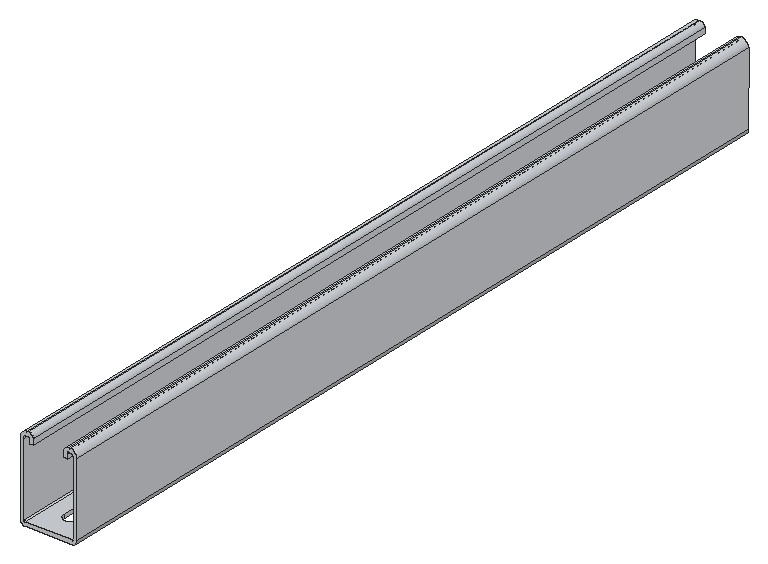
Revit family "Channel-Unistrut-P5500_SL", category Specialty Equipment, Revit 2012
Parameters (values of type "P5500 SL")
  ecoScorecard_data = ""
  ecoScorecard Product Page = ""
  Weight Per Foot = 2.42 lbf/ft
  Unit = none
  URL = "http://unistrut.us/index.php"
  Subcategory = "1 5/8\" Channels"
  Product Page URL = "http://unistrut.us/index.php?WP=cat_detail&S=S05&P=P5500sl"
  Power Strut Part Number = "PS 200 KO6"  # constant formula
  Part Type = "Channel"  # constant formula
  Part Number = ""
  Overall Width = 1 5/8"  # constant formula
  Overall Height = 2 7/16"
  Model = "P5500 SL"  # constant formula
  Material = "Multiple Options - See Catalog"
  Manufacturer Toll Free Phone = "800-882-5543"  # constant formula
  Manufacturer Phone = "708-339-1610"  # constant formula
  Manufacturer Fax = "708-339-7814"  # constant formula
  Manufacturer Email = "mailto:questions@atkore.com"
  Manufacturer Address = "16100 South Lathrop Avenue, Harvey, IL 60426"  # constant formula
  Manufacturer = "Unistrut by Atkore International"  # constant formula
  Load Capacity Note = "Visit the product page for load application and capacity."  # constant formula
  Literature URL = "http://unistrut.us/index.php?WP=LItLibrary"
  Length [instance] = 24"
  Knockouts Spacing From End = 2"
  Hole Spacing On Center Dimension = 4"
  Gauge Thickness = "12 Gauge (.105”)"  # constant formula
  Description = "P5500 SL Channel"  # constant formula
  Cost Info = "mailto:questions@atkore.com"
  Construction Note = "Slots are 3\" x 13⁄32\" @ 4\" on Center"
  Category = "Specialty Equipment"  # constant formula
  CSI MasterSpec = "http://www.unistrut.us/a_files/TechRef/Unistrut_CSI_05430.pdf"
  CAD URL = "http://unistrut.us/index.php?WP=CAD3d"
  Assembly Code = "D5020100"
  95 CSI = "16070"  # constant formula
  04 CSI = "26 05 48"  # constant formula
Reference planes (in)
  plane 1 "Center (Front/Back)": y = 0
  plane 2: z = 0
  plane 3 "Center (Left/Right)": x = 0
  plane 4: z = 2.4375
  plane 5: y = 12
  plane 6: x = -0.8125
  plane 7: y = -12
  plane 8: x = 0.8125
  plane 9: y = -10
  plane 10: y = -6
Dimensions and locks (in)
  "Overall Height": plane 4 to level
  equal spacing: plane 6, plane 3 "Center (Left/Right)", plane 8
  "Overall Width": plane 6 to plane 8
  equal spacing: plane 5, plane 1 "Center (Front/Back)", plane 7
  "Length": plane 5 to plane 7
  "Knockouts Spacing From End": plane 7 to plane 9
  "Hole Spacing On Center Dimension": plane 10 to plane 9
  aligned and locked: level to plane 2
  aligned and locked: plane 1 "Center (Front/Back)" to nested 1
  aligned and locked: plane 3 "Center (Left/Right)" to nested 1
  aligned and locked: nested 1 to level
Nested families (in)
  nested 1: "P5500 SL Channel" at (0, 0, 0), type "P5500 SL Channel"
    with # Of Array 6
Definition of nested family "P5500 SL Channel"
  Parameters (values of type "P5500 SL Channel")
    Width = 1 5/8"
    Unit = none
    Length = 24"
    Knockouts Spacing On Center = 4"
    Knockouts Spacing From End = 2"
    Height = 2 7/16"
    # Of Array [instance] = (Length - Knockouts Spacing From End * 2) / Knockouts Spacing On Center + 1  # 6
  Reference planes (in)
    plane 1 "Center (Front/Back)": y = 0
    plane 2: z = 0
    plane 3 "Center (Left/Right)": x = 0
    plane 4: z = 2.4375
    plane 5: x = -0.8125
    plane 6: x = 0.8125
    plane 7: y = 12
    plane 8: y = -12
    plane 9: x = 0.4375
    plane 10: x = -0.4375
    plane 11: z = 2.15625
    plane 12: y = -10
    plane 13: y = -6
    plane 14: z = 0.105
  Forms (in)
    Sweep 1, solid, material <- "Unit", detail levels fine
      path origin (0, 0, 0) x (1, 0, 0) y (0, 1, 0)
        loop
          line (0, 12) -> (0, -12)
      profile origin (0, 0, 0) x (1, 0, 0) y (0, 0, 1)
        loop
          line (0.7075, 2.2385) -> (0.7075, 0.13625)
          arc (0.7075, 0.13625) -> (0.69835, 0.11415) -> (0.67625, 0.105) r 0.03125
          line (0.67625, 0.105) -> (-0.67625, 0.105)
          arc (-0.67625, 0.105) -> (-0.69835, 0.11415) -> (-0.7075, 0.13625) r 0.03125
          line (-0.7075, 0.13625) -> (-0.7075, 2.2385)
          arc (-0.7075, 2.2385) -> (-0.68004, 2.30479) -> (-0.61375, 2.33225) r 0.09375
          line (-0.61375, 2.33225) -> (-0.57375, 2.33225)
          arc (-0.57375, 2.33225) -> (-0.55165, 2.3231) -> (-0.5425, 2.301) r 0.03125
          line (-0.5425, 2.301) -> (-0.5425, 2.15625) -> (-0.4375, 2.15625) -> (-0.4375, 2.301)
          arc (-0.4375, 2.301) -> (-0.47741, 2.39734) -> (-0.57375, 2.43725) r 0.13625
          line (-0.57375, 2.43725) -> (-0.61375, 2.43725)
          arc (-0.61375, 2.43725) -> (-0.75429, 2.37904) -> (-0.8125, 2.2385) r 0.19875
          line (-0.8125, 2.2385) -> (-0.8125, 0.13625)
          arc (-0.8125, 0.13625) -> (-0.77259, 0.03991) -> (-0.67625, 0) r 0.13625
          line (-0.67625, 0) -> (0.67625, 0)
          arc (0.67625, 0) -> (0.77259, 0.03991) -> (0.8125, 0.13625) r 0.13625
          line (0.8125, 0.13625) -> (0.8125, 2.2385)
          arc (0.8125, 2.2385) -> (0.75429, 2.37904) -> (0.61375, 2.43725) r 0.19875
          line (0.61375, 2.43725) -> (0.57375, 2.43725)
          arc (0.57375, 2.43725) -> (0.47741, 2.39734) -> (0.4375, 2.301) r 0.13625
          line (0.4375, 2.301) -> (0.4375, 2.15625) -> (0.5425, 2.15625) -> (0.5425, 2.301)
          arc (0.5425, 2.301) -> (0.55165, 2.3231) -> (0.57375, 2.33225) r 0.03125
          line (0.57375, 2.33225) -> (0.61375, 2.33225)
          arc (0.61375, 2.33225) -> (0.68004, 2.30479) -> (0.7075, 2.2385) r 0.09375
    Extrusion 2, void
      sketch origin (0, 1, 0) x (1, 0, 0) y (0, 1, 0)
        loop
          arc (0.20313, -9.78125) -> (0, -9.57813) -> (-0.20312, -9.78125) r 0.20313
          line (-0.20312, -9.78125) -> (-0.20312, -12.21875)
          arc (-0.20312, -12.21875) -> (0, -12.42188) -> (0.20313, -12.21875) r 0.20313
          line (0.20313, -12.21875) -> (0.20313, -9.78125)
      from 0 to 0.105
    Extrusion 3, void
      sketch origin (0, 5, 0) x (1, 0, 0) y (0, 1, 0)
        loop
          arc (0.20313, -9.78125) -> (0, -9.57813) -> (-0.20312, -9.78125) r 0.20313
          line (-0.20312, -9.78125) -> (-0.20312, -12.21875)
          arc (-0.20312, -12.21875) -> (0, -12.42188) -> (0.20313, -12.21875) r 0.20313
          line (0.20313, -12.21875) -> (0.20313, -9.78125)
      from 0 to 0.105
    Extrusion 4, void
      sketch origin (0, 9, 0) x (1, 0, 0) y (0, 1, 0)
        loop
          arc (0.20313, -9.78125) -> (0, -9.57813) -> (-0.20312, -9.78125) r 0.20313
          line (-0.20312, -9.78125) -> (-0.20312, -12.21875)
          arc (-0.20312, -12.21875) -> (0, -12.42188) -> (0.20313, -12.21875) r 0.20313
          line (0.20313, -12.21875) -> (0.20313, -9.78125)
      from 0 to 0.105
    Extrusion 5, void
      sketch origin (0, 13, 0) x (1, 0, 0) y (0, 1, 0)
        loop
          arc (0.20313, -9.78125) -> (0, -9.57813) -> (-0.20312, -9.78125) r 0.20313
          line (-0.20312, -9.78125) -> (-0.20312, -12.21875)
          arc (-0.20312, -12.21875) -> (0, -12.42188) -> (0.20313, -12.21875) r 0.20313
          line (0.20313, -12.21875) -> (0.20313, -9.78125)
      from 0 to 0.105
    Extrusion 6, void
      sketch origin (0, 17, 0) x (1, 0, 0) y (0, 1, 0)
        loop
          arc (0.20313, -9.78125) -> (0, -9.57813) -> (-0.20312, -9.78125) r 0.20313
          line (-0.20312, -9.78125) -> (-0.20312, -12.21875)
          arc (-0.20312, -12.21875) -> (0, -12.42188) -> (0.20313, -12.21875) r 0.20313
          line (0.20313, -12.21875) -> (0.20313, -9.78125)
      from 0 to 0.105
    Extrusion 7, void
      sketch origin (0, 21, 0) x (1, 0, 0) y (0, 1, 0)
        loop
          arc (0.20313, -9.78125) -> (0, -9.57813) -> (-0.20312, -9.78125) r 0.20313
          line (-0.20312, -9.78125) -> (-0.20312, -12.21875)
          arc (-0.20312, -12.21875) -> (0, -12.42188) -> (0.20313, -12.21875) r 0.20313
          line (0.20313, -12.21875) -> (0.20313, -9.78125)
      from 0 to 0.105
  Cuts and joins
    Extrusion 2, Extrusion 3, Extrusion 4, Extrusion 5, Extrusion 6, Extrusion 7 cuts Sweep 1
  Lines and regions (in)
    symbolic lines, style "Channel", detail levels fine
      curve 1: line (0.8125, 12, 0) -> (0.8125, -12, 0)
      curve 2: line (-0.8125, 12, 0) -> (0.8125, 12, 0)
      curve 3: line (-0.8125, 12, 0) -> (-0.8125, -12, 0)
      curve 4: line (0.4375, 12, 0) -> (0.4375, -12, 0)
      curve 5: line (-0.4375, 12, 0) -> (-0.4375, -12, 0)
      curve 6: line (-0.8125, -12, 0) -> (0.8125, -12, 0)
  Dimensions and locks (in)
    "Height": plane 4 to level
    equal spacing: plane 6, plane 3 "Center (Left/Right)", plane 5
    "Width": plane 6 to plane 5
    equal spacing: plane 7, plane 1 "Center (Front/Back)", plane 8
    "Length": plane 7 to plane 8
    locked: plane 6 to plane 9 at 0.375
    locked: plane 5 to plane 10 at 0.375
    locked: plane 4 to plane 11 at 0.28125
    locked: plane 6 to Sweep 1 sketch curve at 0.105
    locked: Sweep 1 sketch curve to plane 5 at 0.105
    locked: Sweep 1 sketch curve to level at 0.105
    locked: plane 4 to Sweep 1 sketch curve at 0.28125  (x2)
    "Knockouts Spacing From End": plane 8 to plane 12
    "Knockouts Spacing On Center": plane 13 to plane 12
    locked: plane 14 to level at 0.105
    equal spacing: group 1, group 2, group 3, group 4, group 5, group 6  (x3)
    aligned and locked: plane 2 to level
    aligned and locked: plane 8 to Sweep 1 sketch curve
    aligned and locked: plane 7 to Sweep 1 sketch curve
    aligned and locked: Sweep 1 sketch curve to plane 3 "Center (Left/Right)"
    aligned and locked: plane 6 to Sweep 1 sketch curve
    aligned and locked: Sweep 1 sketch curve to plane 5
    aligned and locked: Sweep 1 sketch curve to level
    aligned and locked: plane 14 to Sweep 1
    aligned and locked: nested 1 to plane 14
    aligned and locked: plane 3 "Center (Left/Right)" to nested 1
    aligned and locked: nested 1 to plane 12
    aligned and locked: nested 2 to plane 13
    aligned and locked: plane 3 "Center (Left/Right)" to nested 2
    aligned and locked: Extrusion 2 to level
    aligned and locked: Sweep 1 to Extrusion 2
    aligned and locked: plane 1 "Center (Front/Back)" to nested 7
    aligned and locked: plane 3 "Center (Left/Right)" to nested 7
    aligned and locked: nested 7 to level
    aligned and locked: curve 1 to plane 6
    aligned and locked: curve 2 to plane 7
    aligned and locked: curve 3 to plane 5
    aligned and locked: curve 4 to plane 9
    aligned and locked: plane 10 to curve 5
    aligned and locked: plane 8 to curve 6
    aligned and locked: Extrusion 2 sketch curve to nested 1  (x2)
    aligned and locked: Extrusion 3 sketch curve to nested 2  (x2)
    aligned and locked: Extrusion 4 sketch curve to nested 3  (x2)
    aligned and locked: Extrusion 5 sketch curve to nested 4  (x2)
    aligned and locked: Extrusion 6 sketch curve to nested 5  (x2)
    aligned and locked: Extrusion 7 sketch curve to nested 6  (x2)
  Automatic sketch dimensions
    Sweep 1 sketch curve to Sweep 1 sketch curve = 0"  (x10)
    Sweep 1 sketch curve to Sweep 1 sketch curve = 1/32"  (x3)
    Sweep 1 sketch curve to Sweep 1 sketch curve = 3/32"  (x2)
    Sweep 1 sketch curve to Sweep 1 sketch curve = 0.04"  (x2)
    Sweep 1 sketch curve to profile plane = 0.67625"
    Sweep 1 sketch curve to Sweep 1 sketch curve = 0.08225"  (x2)
    curve 4 to curve 1 = 0"
    curve 1 to curve 4 = 0"
    curve 5 to curve 3 = 0"
    curve 3 to curve 5 = 0"
    Extrusion 2 sketch curve to Extrusion 2 sketch curve = 2 7/16"
    Extrusion 3 sketch curve to Extrusion 3 sketch curve = 2 7/16"
    Extrusion 4 sketch curve to Extrusion 4 sketch curve = 2 7/16"
    Extrusion 5 sketch curve to Extrusion 5 sketch curve = 2 7/16"
    Extrusion 6 sketch curve to Extrusion 6 sketch curve = 2 7/16"
    Extrusion 7 sketch curve to Extrusion 7 sketch curve = 2 7/16"
  Nested families (in)
    nested 1: "Model Line" at (0, -10, 0.105), type "Model Line"
    nested 2: "Model Line" at (0, -6, 0.105), type "Model Line"
    nested 3: "Model Line" at (0, -2, 0.105), type "Model Line"
    nested 4: "Model Line" at (0, 2, 0.105), type "Model Line"
    nested 5: "Model Line" at (0, 6, 0.105), type "Model Line"
    nested 6: "Model Line" at (0, 10, 0.105), type "Model Line"
    nested 7: "P5500 SL_Detail" at (0, 0, 0), type "P5500 SL_Detail"
  Definition of nested family "Model Line"
    Parameters (values of type "Model Line")
      Hole Radius = 9/32"
    Reference planes (in)
      plane 1 "Center (Front/Back)": y = 0
      plane 2: z = 0
      plane 3 "Center (Left/Right)": x = 0
    Lines and regions (in)
      model lines, style "Channel", detail levels fine
        curve 1: line (-0.20312, -1.21875, 0) -> (-0.20312, 1.21875, 0)
        curve 2: line (0.20313, 1.21875, 0) -> (0.20313, -1.21875, 0)
        curve 3: arc (-0.20312, 1.21875, 0) -> (0, 1.42187, 0) -> (0.20313, 1.21875, 0) r 0.20313
        curve 4: arc (-0.20312, -1.21875, 0) -> (0, -1.42188, 0) -> (0.20313, -1.21875, 0) r 0.20313
    Dimensions and locks (in)
      aligned and locked: plane 2 to level
  Definition of nested family "P5500 SL_Detail"
    Parameters (values of type "P5500 SL_Detail")
      Unit = none
      Length = 24"
      Height = 2 7/16"  # constant formula
      Depth = 1 5/8"  # constant formula
    Reference planes (in)
      plane 1 "Center (Front/Back)": y = 0
      plane 2: z = 0
      plane 3 "Center (Left/Right)": x = 0
      plane 4: y = 12
      plane 5: y = -12
      plane 6: x = -0.8125
      plane 7: x = 0.8125
      plane 8: z = 2.4375
    Forms (in)
      Sweep 1, solid, material <- "Unit", detail levels coarse+medium
        path origin (0, 0, 0) x (1, 0, 0) y (0, 1, 0)
          loop
            line (0, 12) -> (0, -12)
        profile origin (0, 0, 0) x (1, 0, 0) y (0, 0, 1)
          loop
            line (0.8125, 2.4375) -> (-0.8125, 2.4375) -> (-0.8125, 0) -> (0.8125, 0) -> (0.8125, 2.4375)
    Lines and regions (in)
      symbolic lines, style "Channel", detail levels coarse+medium
        curve 1: line (-0.8125, 12, 0) -> (0.8125, 12, 0)
        curve 2: line (0.8125, 12, 0) -> (0.8125, -12, 0)
        curve 3: line (-0.8125, 12, 0) -> (-0.8125, -12, 0)
        curve 4: line (-0.8125, -12, 0) -> (0.8125, -12, 0)
    Dimensions and locks (in)
      equal spacing: plane 6, plane 3 "Center (Left/Right)", plane 7
      "Depth": plane 6 to plane 7
      equal spacing: plane 4, plane 1 "Center (Front/Back)", plane 5
      "Length": plane 4 to plane 5
      "Height": plane 8 to level
      aligned and locked: plane 2 to level
      aligned and locked: plane 5 to Sweep 1 sketch curve
      aligned and locked: plane 4 to Sweep 1 sketch curve
      aligned and locked: Sweep 1 sketch curve to plane 3 "Center (Left/Right)"
      aligned and locked: Sweep 1 sketch curve to plane 7
      aligned and locked: Sweep 1 sketch curve to plane 8
      aligned and locked: Sweep 1 sketch curve to plane 6
      aligned and locked: Sweep 1 sketch curve to level
      aligned and locked: curve 1 to plane 4
      aligned and locked: curve 2 to plane 7
      aligned and locked: curve 3 to plane 6
      aligned and locked: curve 4 to plane 5
